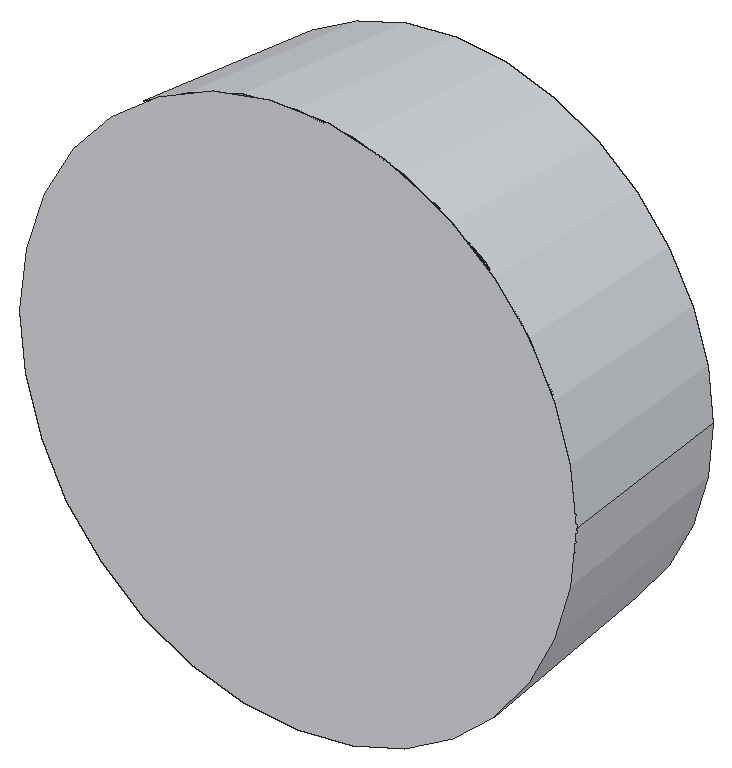
Revit family "Building-FlushMountingEnclosures-GEWISS-24SC-BOXES_CONICAL", category Attrezzatura elettrica, host Muro, Revit 2016
Family settings
  Host = Muro
  Configurazione quadro = Due colonne, circuiti in orizzontale
  Tipo di parte = Pannello comandi
  Quota connettore circolare = Usa diametro
  Numero OmniClass = 23.80.30.14.24
  Titolo OmniClass = Junction Boxes
  Sempre verticale = Sì
  Taglio con vuoti quando caricato = Sì
  Condiviso = Sì
  Punto di calcolo locali = Sì
Parameters (values of type "GW24208 - Conical box D.65mm")
  Version file RFA = "19.0"
  URL = "https://www.gewiss.com/ww/en"
  Thermo-pressure with ball = "70 °C"
  Technical sheet = "https://www.gewiss.com/ww/en/search?q=GW24208"
  SEO = "Box"
  Realized by GEWISS S.p.A. = ""
  Produttore = "GEWISS S.p.A."
  Operating temperature = "-15 ÷ +60°C"
  Modello = "GW24208"
  Installation = "Flush mounting enclosures"
  Immagine tipo = GW24208.jpg
  IFC.TypeObject = ""
  IFC.ExportType = ""
  IFC.ExportAs = ""
  IDT = "949ec92d-8c98-491b-b93a-f1d6dc8379db"
  IDF = "f1faed0c-124c-4668-85a6-919ed2aaf81b"
  Glow Wire Test = "650°C"
  For walls = "Masonry"
  Electrocod = "0210"
  EAN code = "8011564016729"
  Dimensions (mm) = "Ø 60 x 46"
  Descrizione = "CONICAL F.M.BOX D.65X41"
  Description: = "Conical"
  Characteristics = "Halogen free"
  Catalogue Range = "24SC"
  Catalogue = "BUILDING"
  COBie.Tagnumber = ""
  COBie.CreatedOn = ""
  COBie.CreatebBy = ""
  COBie.ComponentRegisterItemID = ""
  COBie.Component.TagNumber = ""
  COBie.Component.Space = ""
  COBie.Component.SerialNumber = ""
  COBie.Component.InstallationDate = ""
  COBie.Component.Description = ""
  COBie.Component.BarCode = ""
Reference planes
  plane 1 "Muro": y = 0
  plane 2 "Centro (Sinistra/Destra)": x = 125
  plane 3 "Indietro": y = 75
  plane 4: y = 29
  plane 5: y = 34
Forms (mm)
  Blend 1, solid
    base sketch origin (0, 0, -600) x (1, 0, 0) y (0, 0, 1)
      loop
        circle (125, 1420.018) r 65
    top sketch origin (0, 0, -600) x (1, 0, 0) y (0, 0, 1)
      loop
        circle (125, 1420.018) r 60
    from -29 to -75
  Blend 2, void
    base sketch origin (0, 0, -600) x (1, 0, 0) y (0, 0, 1)
      loop
        circle (125, 1420.018) r 59
    top sketch origin (0, 0, -600) x (1, 0, 0) y (0, 0, 1)
      loop
        circle (125, 1420.018) r 55
    from -34 to -75
  Blend 3, void
    base sketch origin (0, 0, -600) x (1, 0, 0) y (0, 0, 1)
      loop
        circle (125, 1420.018) r 65
    top sketch origin (0, 0, -600) x (1, 0, 0) y (0, 0, 1)
      loop
        circle (125, 1420.018) r 60
    from -29 to -75
Cuts and joins
  Blend 2 cuts Blend 1
Text (mm)
  text "Lato posizionamento" at (-1848.837, 1116.779, 0), in view "Livello rif."
  text "Lato posizionamento" at (0, 1409.804, 2854.306), in view "Sinistra"
  text "Lato posizionamento" at (0, 499.811, 2980.732), in view "Destra"
Dimensions and locks
  locked: plane 3 "Indietro" to host wall
  locked: plane 4 to plane 3 "Indietro" at 46
  locked: plane 5 to plane 4 at 5
  aligned and locked: plane 1 "Muro" to host wall
  aligned and locked: Blend 1 to plane 4
  aligned and locked: Blend 1 to plane 3 "Indietro"
  aligned and locked: Blend 2 to plane 3 "Indietro"
  aligned and locked: Blend 2 to plane 5
  aligned and locked: Blend 3 to plane 4
  aligned and locked: Blend 3 to plane 3 "Indietro"
